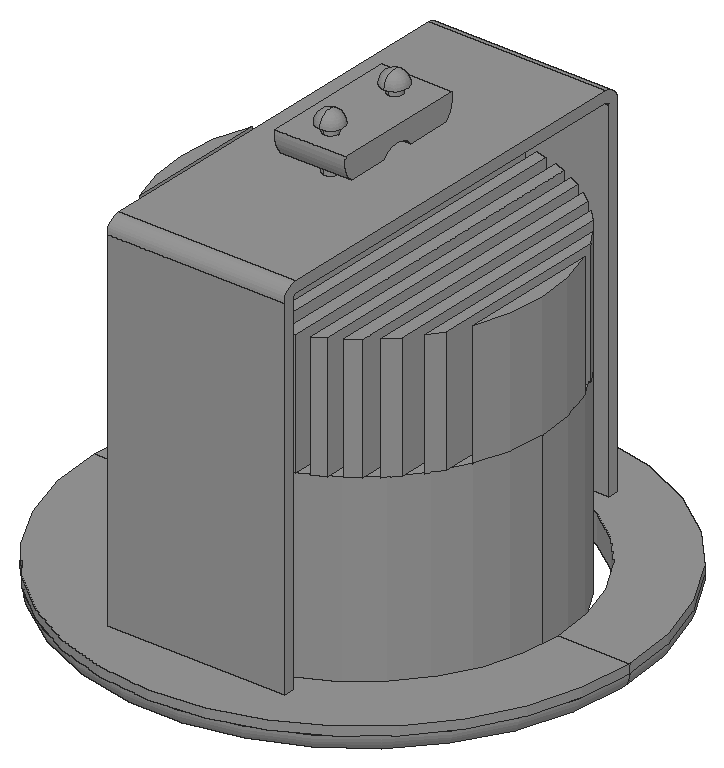
Revit family "EFF1_63_UN_Spot_ETK", category Lighting Fixtures, Revit 2019
Family settings
  Round Connector Dimension = Use Diameter
  Part Type = Normal
  OmniClass Number = 23.80.70.11.14.11
  OmniClass Title = Downlights
  Work Plane-Based = No
  Always vertical = Yes
  Cut with Voids When Loaded = Yes
  Light Source = No
  Shared = No
  Room Calculation Point = Yes
Parameters (values of type "EFF.1300.15 - 12W / 1500lm / 3000K")
  Wattage Comments = "12W"
  Voltage = 230 V
  URL = "https://www.etk.nl/producten/eff-1/"
  Symbol_Emergency Lighting [instance] = no
  Switch Code [instance] = ""
  Model = "EFF.1"
  Material = RAL 9003
  Manufacturer = "ETK licht B.V."
  Luminaire_Angle [instance] = 0.00°
  Luminaire Code [instance] = ""
  Light Source = EFF.1 - Lightsource : EFF.1300.15 - 12W / 1500lm / 3000K
  Lamp = "LED"
  IfcExportType = "USERDEFINED"
  IfcExportAs = "IfcLightFixtureType"
  Copyright © IVLighting = "www.ivlibrary.com"
  Cons_Luminaire_Angle [instance] = if(Luminaire_Angle > 30.00°, 30.00°, Luminaire_Angle)  # 0.00°
  Bundle = "40°"
  Assembly Code = "63.0"
  Apparent Load = 12 VA
Types (13, lengths in mm): name | Wattage Comments | Light Source | Apparent Load
  (no name) | "12W" | EFF.1 - Lightsource : EFF.1300.15 - 12W / 1500lm / 3000K | 12 VA
  EFF.1300.15 - 12W / 1500lm / 3000K | "12W" | EFF.1 - Lightsource : EFF.1300.15 - 12W / 1500lm / 3000K | 12 VA
  EFF.1500.15 - 12W / 1550lm / 4000K | "12W" | EFF.1 - Lightsource : EFF.1500.15 - 12W / 1550lm / 4000K | 12 VA
  EFF.1700.15 - 19W / 2400lm / 3000K | "12W" | EFF.1 - Lightsource : EFF.1700.15 - 19W / 2400lm / 3000K | 12 VA
  EFF.1900.15 - 19W / 2500lm / 4000K | "19W" | EFF.1 - Lightsource : EFF.1900.15 - 19W / 2500lm / 4000K | 19 VA
  EFF.1920.15 - 31W / 3550lm / 3000K | "31W" | EFF.1 - Lightsource : EFF.1920.15 - 31W / 3550lm / 3000K | 31 VA
  EFF.1940.15 - 31W / 3650lm / 4000K | "31W" | EFF.1 - Lightsource : EFF.1940.15 - 31W / 3650lm / 4000K | 31 VA
  EFF.1303.15 - 12W / 1500lm / 3000K | "12W" | EFF.1 - Lightsource : EFF.1303.15 - 12W / 1500lm / 3000K | 12 VA
  EFF.1503.15 - 12W / 1550lm / 4000K | "12W" | EFF.1 - Lightsource : EFF.1503.15 - 12W / 1550lm / 4000K | 12 VA
  EFF.1703.15 - 19W / 2400lm / 3000K | "12W" | EFF.1 - Lightsource : EFF.1703.15 - 19W / 2400lm / 3000K | 12 VA
  EFF.1903.15 - 19W / 2500lm / 4000K | "19W" | EFF.1 - Lightsource : EFF.1903.15 - 19W / 2500lm / 4000K | 19 VA
  EFF.1923.15 - 31W / 3550lm / 3000K | "31W" | EFF.1 - Lightsource : EFF.1923.15 - 31W / 3550lm / 3000K | 31 VA
  EFF.1943.15 - 31W / 3650lm / 4000K | "31W" | EFF.1 - Lightsource : EFF.1943.15 - 31W / 3650lm / 4000K | 31 VA
Reference planes
  plane 1 "Center (Front/Back)": y = 0
  plane 2: z = 0
  plane 3 "Center (Left/Right)": x = 0
  plane 4: z = 6.775
Forms (mm)
  Revolve 1, solid, material "RAL 9003" <- "Material"
    sketch origin (0, 0, 0) x (1, 0, 0) y (0, 0, 1)
      loop
        line (-44.382, 0) -> (-60.505, 0) -> (-60.505, -1.991)
        arc (-60.505, -1.991) -> (-59.268, -4.978) -> (-56.281, -6.215) r 4.224
        line (-56.281, -6.215) -> (-44.382, -6.215) -> (-44.382, 0)
      axis (0, 0) -> (0, -6.215)
    angle from 0 to 360
  Sweep 2, solid, material "RAL 9003" <- "Material"
    path origin (0, 0, 0) x (0, 1, 0) y (0, 0, 1)
      loop
        line (-47.009, 0) -> (-47.009, 79.242)
        arc (-47.009, 79.242) -> (-46.08, 81.485) -> (-43.837, 82.414) r 3.172
        line (-43.837, 82.414) -> (0, 82.414) -> (43.837, 82.414)
        arc (43.837, 82.414) -> (46.08, 81.485) -> (47.009, 79.242) r 3.172
        line (47.009, 79.242) -> (47.009, 0)
    profile origin (0, -47.009, 39.621) x (0, -1, 0) y (1, 0, 0)
      loop
        line (0, 19.997) -> (-2.4, 19.997) -> (-2.4, -19.997) -> (0, -19.997) -> (0, 19.997)
  Sweep 3, solid, not visible
    path origin (0, 0, 0) x (1, 0, 0) y (0, 0, 1)
      loop
        line (-47.009, 0) -> (-47.009, 77.679)
        arc (-47.009, 77.679) -> (-46.08, 79.922) -> (-43.837, 80.851) r 3.172
        line (-43.837, 80.851) -> (0, 80.851) -> (43.837, 80.851)
        arc (43.837, 80.851) -> (46.08, 79.922) -> (47.009, 77.679) r 3.172
        line (47.009, 77.679) -> (47.009, 0)
    profile origin (-47.009, 0, 38.84) x (-1, 0, 0) y (0, -1, 0)
      loop
        line (0, 19.997) -> (-2.4, 19.997) -> (-2.4, -19.997) -> (0, -19.997) -> (0, 19.997)
  Revolve 4, solid, material "RAL 9003" <- "Material"
    sketch origin (0, 0, 1.25) x (0, 1, 0) y (0, 0, 1)
      loop
        arc (-10.761, 78.361) -> (-10.517, 77.773) -> (-9.93, 77.53) r 0.831
        line (-9.93, 77.53) -> (-9.098, 77.53) -> (-9.098, 93.852)
        arc (-9.098, 93.852) -> (-11.15, 93.002) -> (-12.001, 90.95) r 2.902
        line (-12.001, 90.95) -> (-10.761, 90.95) -> (-10.761, 84.387) -> (-10.761, 78.361)
      axis (-9.098, 93.852) -> (-9.098, 77.53)
    angle from 0 to 360
  Revolve 5, solid, material "RAL 9003" <- "Material"
    sketch origin (0, 0, 1.25) x (0, -1, 0) y (0, 0, -1)
      loop
        line (-10.761, -78.361) -> (-10.761, -84.387) -> (-10.761, -90.95) -> (-12.001, -90.95)
        arc (-12.001, -90.95) -> (-11.15, -93.002) -> (-9.098, -93.852) r 2.902
        line (-9.098, -93.852) -> (-9.098, -77.53) -> (-9.93, -77.53)
        arc (-9.93, -77.53) -> (-10.517, -77.773) -> (-10.761, -78.361) r 0.831
      axis (-9.098, -93.852) -> (-9.098, -77.53)
    angle from 0 to 360
  Extrusion 6, solid, material "RAL 9003" <- "Material"
    sketch origin (7.931, 7.931, 0.312) x (0, 1, 0) y (0, 0, 1)
      loop
        arc (-22.642, 90.262) -> (-22.517, 87.326) -> (-20.936, 84.849) r 5.656
        line (-20.936, 84.849) -> (-11.839, 84.849)
        arc (-11.839, 84.849) -> (-7.985, 86.76) -> (-4.131, 84.849) r 4.842
        line (-4.131, 84.849) -> (5.674, 84.849)
        arc (5.674, 84.849) -> (7.256, 87.326) -> (7.381, 90.262) r 5.656
        line (7.381, 90.262) -> (-22.642, 90.262)
    from -15.863 to 0
  Extrusion 7, solid, material "RAL 9003" <- "Material"
    sketch origin (-0.397, 0, -2.5) x (1, 0, 0) y (0, 0, 1)
      loop
        circle (0.397, 9.275) r 2.216
    from 40.523 to 44.609
  Extrusion 8, solid, material "RAL 9003" <- "Material"
    sketch origin (-0.397, 0, -2.5) x (1, 0, 0) y (0, 0, -1)
      loop
        circle (0.397, -9.275) r 2.216
    from 40.523 to 44.609
Cuts and joins
  joined: Revolve 1, Sweep 2
Lines and regions (mm)
  reference lines
    curve 1: line (0, 0, 6.775) -> (0, 0, -32.5)
Dimensions and locks
  locked: plane 4 to level at 6.775
  "Cons_Luminaire_Angle": angle plane 3 "Center (Left/Right)" to curve 1
  aligned and locked: level to plane 2
  aligned and locked: plane 3 "Center (Left/Right)" to curve 1
  aligned and locked: plane 4 to curve 1
Automatic sketch dimensions
  Sweep 3 sketch curve to Sweep 3 sketch curve = 3.172 mm  (x2)
  Sweep 3 sketch curve to profile plane = 0 mm
  Sweep 3 sketch curve to Sweep 3 sketch curve = 2.4 mm
  Sweep 3 sketch curve to Sweep 3 sketch curve = 43.837 mm  (x2)
  Sweep 3 sketch curve to Sweep 3 sketch curve = 77.679 mm  (x2)
  Sweep 3 sketch curve to profile plane = 19.997 mm
  profile plane to Sweep 3 sketch curve = 19.997 mm
  Revolve 1 sketch curve to level = 0 mm
  Revolve 1 sketch curve to plane 3 "Center (Left/Right)" = 0 mm
  Revolve 1 sketch curve to level = 6.215 mm
  Revolve 1 sketch curve to plane 3 "Center (Left/Right)" = 44.382 mm
  Revolve 1 sketch curve to level = 1.991 mm
  Revolve 1 sketch curve to Revolve 1 sketch curve = 11.9 mm
  Revolve 1 sketch curve to Revolve 1 sketch curve = 359.83 mm
  level to Revolve 1 sketch curve = 2214.315 mm
  Sweep 2 sketch curve to level = 0 mm  (x2)
  Sweep 2 sketch curve to plane 1 "Center (Front/Back)" = 0 mm
  plane 1 "Center (Front/Back)" to Sweep 2 sketch curve = 43.837 mm
  Sweep 2 sketch curve to Sweep 2 sketch curve = 3.172 mm  (x2)
  Sweep 2 sketch curve to plane 1 "Center (Front/Back)" = 43.837 mm
  level to Sweep 2 sketch curve = 79.242 mm
  Sweep 2 sketch curve to profile plane = 0 mm
  Sweep 2 sketch curve to Sweep 2 sketch curve = 2.4 mm
  Sweep 2 sketch curve to profile plane = 19.997 mm
  profile plane to Sweep 2 sketch curve = 19.997 mm
  plane 1 "Center (Front/Back)" to Revolve 4 sketch curve = 12.001 mm
  Revolve 4 sketch curve to Revolve 4 sketch curve = 1.24 mm
  Revolve 4 sketch curve to Revolve 4 sketch curve = 0.831 mm  (x2)
  level to Revolve 4 sketch curve = 78.78 mm
  Revolve 4 sketch curve to Revolve 4 sketch curve = 6.026 mm
  Revolve 4 sketch curve to Revolve 4 sketch curve = 6.562 mm
  Revolve 4 sketch curve to Revolve 4 sketch curve = 1.663 mm
  Revolve 4 sketch curve to Revolve 4 sketch curve = 5.682 mm
  Revolve 4 sketch curve to Revolve 4 sketch curve = 0.61 mm
  Revolve 5 sketch curve to plane 1 "Center (Front/Back)" = 12.001 mm
  Revolve 5 sketch curve to Revolve 5 sketch curve = 1.24 mm
  Revolve 5 sketch curve to Revolve 5 sketch curve = 0.831 mm  (x2)
  level to Revolve 5 sketch curve = 95.102 mm
  Revolve 5 sketch curve to Revolve 5 sketch curve = 6.562 mm
  Revolve 5 sketch curve to Revolve 5 sketch curve = 6.026 mm
  Revolve 5 sketch curve to Revolve 5 sketch curve = 1.663 mm
  Revolve 5 sketch curve to Revolve 5 sketch curve = 0.61 mm
  Revolve 5 sketch curve to Revolve 5 sketch curve = 5.682 mm
  plane 1 "Center (Front/Back)" to Extrusion 6 sketch curve = 14.711 mm
  Extrusion 6 sketch curve to Extrusion 6 sketch curve = 1.706 mm
  Extrusion 6 sketch curve to Extrusion 6 sketch curve = 3.813 mm  (x2)
  plane 1 "Center (Front/Back)" to Extrusion 6 sketch curve = 3.908 mm
  plane 1 "Center (Front/Back)" to Extrusion 6 sketch curve = 0.054 mm
  Extrusion 6 sketch curve to plane 1 "Center (Front/Back)" = 3.8 mm
  Extrusion 6 sketch curve to Extrusion 6 sketch curve = 5.992 mm
  Extrusion 6 sketch curve to Extrusion 6 sketch curve = 5.52 mm
  level to Extrusion 6 sketch curve = 82.23 mm
  Extrusion 6 sketch curve to Extrusion 6 sketch curve = 2.931 mm
  Extrusion 6 sketch curve to Extrusion 6 sketch curve = 4.178 mm
  Extrusion 7 sketch curve to plane 3 "Center (Left/Right)" = 0 mm
  level to Extrusion 7 sketch curve = 6.775 mm
  Extrusion 8 sketch curve to plane 3 "Center (Left/Right)" = 0 mm
  level to Extrusion 8 sketch curve = 6.775 mm
  radius of Extrusion 7 sketch curve = 2.216 mm
  radius of Extrusion 8 sketch curve = 2.216 mm
Nested families
  nested 1: "EFF.1 Light_Symbol_IVL" at (-1.246, 0.777, 0), type "Lighting Fixture - Round"
  nested 2: "EFF.1 - Lightsource" at (0, 0, 13.025), type <- "Light Source", type "EFF.1300.15 - 12W / 1500lm / 3000K"
Definition of nested family "EFF.1 - Lightsource"
  Parameters (values of type "EFF.1300.15 - 12W / 1500lm / 3000K")
    Wattage Comments = "12W"
    Wattage = 10.0982 W
    built-in parameter 1150110 = 1 (stored number, unit not read)
    Voltage = 230 V
    URL = "https://www.etk.nl"
    built-in parameter 1114217 = 1 (stored number, unit not read)
    Tilt Angle = 90.00°
    built-in parameter 1150109 = 1 (stored number, unit not read)
    built-in parameter 1150134 = (empty or 0)
    built-in parameter 1150113 = 1 (stored number, unit not read)
    Photometric Web File = "EFF.1300.15.ies"
    built-in parameter 1150142 = "IESNA:LM-63-2002\r\n[TEST] /2017\r\n[TESTLAB] ies2eulumdat.appspot.com\r\n[ISSUEDATE] 2022-06-22T10:36:37.839\r\n[MANUFAC] www.etk.nl\r\n[LUMCAT] EFF.1300.15\r\n[LUMINAIRE] EFF.1 LED 12W 3000K 40° 1500Lm CRI>80\r\n[LAMPCAT] LED\r\n[LAMP] LED\r\nTILT=NONE\r\n1\t1500\t1\t73\t1\t1\t2\t-0.070\t-0.070\t0\r\n1.0\t1.0\t12.00\r\n0\t 2.5\t 5\t 7.5\t 10\t 12.5\t 15\t 17.5\t 20\t 22.5\r\n25\t 27.5\t 30\t 32.5\t 35\t 37.5\t 40\t 42.5\t 45\t 47.5\r\n50\t 52.5\t 55\t 57.5\t 60\t 62.5\t 65\t 67.5\t 70\t 72.5\r\n75\t 77.5\t 80\t 82.5\t 85\t 87.5\t 90\t 92.5\t 95\t 97.5\r\n100\t 102.5\t 105\t 107.5\t 110\t 112.5\t 115\t 117.5\t 120\t 122.5\r\n125\t 127.5\t 130\t 132.5\t 135\t 137.5\t 140\t 142.5\t 145\t 147.5\r\n150\t 152.5\t 155\t 157.5\t 160\t 162.5\t 165\t 167.5\t 170\t 172.5\r\n175\t 177.5\t 180\r\n0\r\n3488.1\t3421.8\t3250.65\t3013.5\t2703.15\t2335.95\t1954.05\t1597.65\t1291.815\t1037.295\r\n846.915\t733.29\t657.33\t562.335\t414.285\t248.175\t104.055\t32.43\t17.235\t8.67\r\n3.3\t0.24\t0.03\t0.045\t0.015\t0.045\t0.03\t0.045\t0.015\t0.03\r\n0.015\t0\t0.015\t0.015\t0.015\t0.015\t0.015\t0.015\t0.015\t0\r\n0\t0.015\t0\t0\t0\t0\t0\t0\t0\t0\r\n0\t0\t0\t0\t0\t0\t0\t0\t0\t0\r\n0\t0\t0\t0\t0\t0\t0\t0\t0\t0\r\n0\t0\t0"
    Model = "EFF.1"
    Material = none
    Manufacturer = "ETK licht B.V."
    built-in parameter 1150105 = 119.37 (stored number, unit not read)
    Lumens = 1500 lm
    built-in parameter 1150115 = 1 (stored number, unit not read)
    built-in parameter 1150137 = (empty or 0)
    built-in parameter 1150139 = (empty or 0)
    built-in parameter 1150112 = 1 (stored number, unit not read)
    built-in parameter 1150114 = 1 (stored number, unit not read)
    Lamp = "LED"
    built-in parameter 1150132 = 2
    built-in parameter 1150102 = (empty or 0)
    built-in parameter 1150107 = 3000 (stored number, unit not read)
    built-in parameter 1150138 = (empty or 0)
    built-in parameter 1150106 = 1.1937 (stored number, unit not read)
    IfcExportType = "USERDEFINED"
    IfcExportAs = "IfcLightFixtureType"
    built-in parameter 1150104 = 13.8 (stored number, unit not read)
    Dimming Lamp Color Temperature Shift = (empty or 0)
    Default Elevation = 1219.2 mm
    Copyright © IVLighting = "www.ivlibrary.com"
    Color Filter = 16777215
    built-in parameter 1114218 = 1 (stored number, unit not read)
    built-in parameter 1150133 = 10 (stored number, unit not read)
    Assembly Code = "63.0"
    Apparent Load = 12 VA
  Types (12, lengths in mm): name | Wattage Comments | Wattage | built-in parameter 1150134 | Photometric Web File | built-in parameter 1150142 | built-in parameter 1150105 | Lumens | built-in parameter 1150107 | built-in parameter 1150106 | Apparent Load
    EFF.1300.15 - 12W / 1500lm / 3000K | "12W" | 10.0982 W | (empty or 0) | "EFF.1300.15.ies" | "IESNA:LM-63-2002\r\n[TEST] /2017\r\n[TESTLAB] ies2eulumdat.appspot.com\r\n[ISSUEDATE] 2022-06-22T10:36:37.839\r\n[MANUFAC] www.etk.nl\r\n[LUMCAT] EFF.1300.15\r\n[LUMINAIRE] EFF.1 LED 12W 3000K 40° 1500Lm CRI>80\r\n[LAMPCAT] LED\r\n[LAMP] LED\r\nTILT=NONE\r\n1\t1500\t1\t73\t1\t1\t2\t-0.070\t-0.070\t0\r\n1.0\t1.0\t12.00\r\n0\t 2.5\t 5\t 7.5\t 10\t 12.5\t 15\t 17.5\t 20\t 22.5\r\n25\t 27.5\t 30\t 32.5\t 35\t 37.5\t 40\t 42.5\t 45\t 47.5\r\n50\t 52.5\t 55\t 57.5\t 60\t 62.5\t 65\t 67.5\t 70\t 72.5\r\n75\t 77.5\t 80\t 82.5\t 85\t 87.5\t 90\t 92.5\t 95\t 97.5\r\n100\t 102.5\t 105\t 107.5\t 110\t 112.5\t 115\t 117.5\t 120\t 122.5\r\n125\t 127.5\t 130\t 132.5\t 135\t 137.5\t 140\t 142.5\t 145\t 147.5\r\n150\t 152.5\t 155\t 157.5\t 160\t 162.5\t 165\t 167.5\t 170\t 172.5\r\n175\t 177.5\t 180\r\n0\r\n3488.1\t3421.8\t3250.65\t3013.5\t2703.15\t2335.95\t1954.05\t1597.65\t1291.815\t1037.295\r\n846.915\t733.29\t657.33\t562.335\t414.285\t248.175\t104.055\t32.43\t17.235\t8.67\r\n3.3\t0.24\t0.03\t0.045\t0.015\t0.045\t0.03\t0.045\t0.015\t0.03\r\n0.015\t0\t0.015\t0.015\t0.015\t0.015\t0.015\t0.015\t0.015\t0\r\n0\t0.015\t0\t0\t0\t0\t0\t0\t0\t0\r\n0\t0\t0\t0\t0\t0\t0\t0\t0\t0\r\n0\t0\t0\t0\t0\t0\t0\t0\t0\t0\r\n0\t0\t0" | 119.37 (stored number, unit not read) | 1500 lm | 3000 (stored number, unit not read) | 1.1937 (stored number, unit not read) | 12 VA
    EFF.1500.15 - 12W / 1550lm / 4000K | "9W" | 10.4348 W | 12 | "EFF.1500.15.ies" | "IESNA:LM-63-2002\r\n[TEST] /2017\r\n[TESTLAB] ies2eulumdat.appspot.com\r\n[ISSUEDATE] 2022-06-22T10:37:09.426\r\n[MANUFAC] www.etk.nl\r\n[LUMCAT] EFF.1500.15\r\n[LUMINAIRE] EFF.1 LED 12W 4000K 40° 1550Lm CRI>80\r\n[LAMPCAT] LED\r\n[LAMP] LED\r\nTILT=NONE\r\n1\t1550\t1\t73\t1\t1\t2\t-0.070\t-0.070\t0\r\n1.0\t1.0\t12.00\r\n0\t 2.5\t 5\t 7.5\t 10\t 12.5\t 15\t 17.5\t 20\t 22.5\r\n25\t 27.5\t 30\t 32.5\t 35\t 37.5\t 40\t 42.5\t 45\t 47.5\r\n50\t 52.5\t 55\t 57.5\t 60\t 62.5\t 65\t 67.5\t 70\t 72.5\r\n75\t 77.5\t 80\t 82.5\t 85\t 87.5\t 90\t 92.5\t 95\t 97.5\r\n100\t 102.5\t 105\t 107.5\t 110\t 112.5\t 115\t 117.5\t 120\t 122.5\r\n125\t 127.5\t 130\t 132.5\t 135\t 137.5\t 140\t 142.5\t 145\t 147.5\r\n150\t 152.5\t 155\t 157.5\t 160\t 162.5\t 165\t 167.5\t 170\t 172.5\r\n175\t 177.5\t 180\r\n0\r\n3604.37\t3535.86\t3359.005\t3113.95\t2793.255\t2413.815\t2019.185\t1650.905\t1334.8755\t1071.8715\r\n875.1455\t757.733\t679.241\t581.0795\t428.0945\t256.4475\t107.5235\t33.511\t17.8095\t8.959\r\n3.41\t0.248\t0.031\t0.0465\t0.0155\t0.0465\t0.031\t0.0465\t0.0155\t0.031\r\n0.0155\t0\t0.0155\t0.0155\t0.0155\t0.0155\t0.0155\t0.0155\t0.0155\t0\r\n0\t0.0155\t0\t0\t0\t0\t0\t0\t0\t0\r\n0\t0\t0\t0\t0\t0\t0\t0\t0\t0\r\n0\t0\t0\t0\t0\t0\t0\t0\t0\t0\r\n0\t0\t0" | 123.35 (stored number, unit not read) | 1550 lm | 4000 (stored number, unit not read) | 1.2335 (stored number, unit not read) | 9 VA
    EFF.1700.15 - 19W / 2400lm / 3000K | "19W" | 16.1571 W | (empty or 0) | "EFF.1700.15.ies" | "IESNA:LM-63-2002\r\n[TEST] /2017\r\n[TESTLAB] ies2eulumdat.appspot.com\r\n[ISSUEDATE] 2022-06-22T10:37:44.859\r\n[MANUFAC] www.etk.nl\r\n[LUMCAT] EFF.1700.15\r\n[LUMINAIRE] EFF.1 LED 19W 3000K 40° 2400Lm CRI>80\r\n[LAMPCAT] LED\r\n[LAMP] LED\r\nTILT=NONE\r\n1\t2400\t1\t73\t1\t1\t2\t-0.070\t-0.070\t0\r\n1.0\t1.0\t19.00\r\n0\t 2.5\t 5\t 7.5\t 10\t 12.5\t 15\t 17.5\t 20\t 22.5\r\n25\t 27.5\t 30\t 32.5\t 35\t 37.5\t 40\t 42.5\t 45\t 47.5\r\n50\t 52.5\t 55\t 57.5\t 60\t 62.5\t 65\t 67.5\t 70\t 72.5\r\n75\t 77.5\t 80\t 82.5\t 85\t 87.5\t 90\t 92.5\t 95\t 97.5\r\n100\t 102.5\t 105\t 107.5\t 110\t 112.5\t 115\t 117.5\t 120\t 122.5\r\n125\t 127.5\t 130\t 132.5\t 135\t 137.5\t 140\t 142.5\t 145\t 147.5\r\n150\t 152.5\t 155\t 157.5\t 160\t 162.5\t 165\t 167.5\t 170\t 172.5\r\n175\t 177.5\t 180\r\n0\r\n5580.96\t5474.88\t5201.04\t4821.6\t4325.04\t3737.52\t3126.48\t2556.24\t2066.904\t1659.672\r\n1355.064\t1173.264\t1051.728\t899.736\t662.856\t397.08\t166.488\t51.888\t27.576\t13.872\r\n5.28\t0.384\t0.048\t0.072\t0.024\t0.072\t0.048\t0.072\t0.024\t0.048\r\n0.024\t0\t0.024\t0.024\t0.024\t0.024\t0.024\t0.024\t0.024\t0\r\n0\t0.024\t0\t0\t0\t0\t0\t0\t0\t0\r\n0\t0\t0\t0\t0\t0\t0\t0\t0\t0\r\n0\t0\t0\t0\t0\t0\t0\t0\t0\t0\r\n0\t0\t0" | 190.99 (stored number, unit not read) | 2400 lm | 3000 (stored number, unit not read) | 1.9099 (stored number, unit not read) | 19 VA
    EFF.1900.15 - 19W / 2500lm / 4000K | "19W" | 16.8303 W | 12 | "EFF.1900.15.ies" | "IESNA:LM-63-2002\r\n[TEST] /2017\r\n[TESTLAB] ies2eulumdat.appspot.com\r\n[ISSUEDATE] 2022-06-22T10:38:29.455\r\n[MANUFAC] www.etk.nl\r\n[LUMCAT] EFF.1900.15\r\n[LUMINAIRE] EFF.1 LED 19W 4000K 40° 2500Lm CRI>80\r\n[LAMPCAT] LED\r\n[LAMP] LED\r\nTILT=NONE\r\n1\t2500\t1\t73\t1\t1\t2\t-0.070\t-0.070\t0\r\n1.0\t1.0\t19.00\r\n0\t 2.5\t 5\t 7.5\t 10\t 12.5\t 15\t 17.5\t 20\t 22.5\r\n25\t 27.5\t 30\t 32.5\t 35\t 37.5\t 40\t 42.5\t 45\t 47.5\r\n50\t 52.5\t 55\t 57.5\t 60\t 62.5\t 65\t 67.5\t 70\t 72.5\r\n75\t 77.5\t 80\t 82.5\t 85\t 87.5\t 90\t 92.5\t 95\t 97.5\r\n100\t 102.5\t 105\t 107.5\t 110\t 112.5\t 115\t 117.5\t 120\t 122.5\r\n125\t 127.5\t 130\t 132.5\t 135\t 137.5\t 140\t 142.5\t 145\t 147.5\r\n150\t 152.5\t 155\t 157.5\t 160\t 162.5\t 165\t 167.5\t 170\t 172.5\r\n175\t 177.5\t 180\r\n0\r\n5813.5\t5703\t5417.75\t5022.5\t4505.25\t3893.25\t3256.75\t2662.75\t2153.025\t1728.825\r\n1411.525\t1222.15\t1095.55\t937.225\t690.475\t413.625\t173.425\t54.05\t28.725\t14.45\r\n5.5\t0.4\t0.05\t0.075\t0.025\t0.075\t0.05\t0.075\t0.025\t0.05\r\n0.025\t0\t0.025\t0.025\t0.025\t0.025\t0.025\t0.025\t0.025\t0\r\n0\t0.025\t0\t0\t0\t0\t0\t0\t0\t0\r\n0\t0\t0\t0\t0\t0\t0\t0\t0\t0\r\n0\t0\t0\t0\t0\t0\t0\t0\t0\t0\r\n0\t0\t0" | 198.94 (stored number, unit not read) | 2500 lm | 4000 (stored number, unit not read) | 1.9894 (stored number, unit not read) | 19 VA
    EFF.1920.15 - 31W / 3550lm / 3000K | "31W" | 23.899 W | (empty or 0) | "EFF.1920.15.ies" | "IESNA:LM-63-2002\r\n[TEST] /2017\r\n[TESTLAB] ies2eulumdat.appspot.com\r\n[ISSUEDATE] 2022-06-22T10:39:01.059\r\n[MANUFAC] www.etk.nl\r\n[LUMCAT] EFF.1920.15\r\n[LUMINAIRE] EFF.1 LED 31W 3000K 40° 3550Lm CRI>80\r\n[LAMPCAT] LED\r\n[LAMP] LED\r\nTILT=NONE\r\n1\t3550\t1\t73\t1\t1\t2\t-0.070\t-0.070\t0\r\n1.0\t1.0\t31.00\r\n0\t 2.5\t 5\t 7.5\t 10\t 12.5\t 15\t 17.5\t 20\t 22.5\r\n25\t 27.5\t 30\t 32.5\t 35\t 37.5\t 40\t 42.5\t 45\t 47.5\r\n50\t 52.5\t 55\t 57.5\t 60\t 62.5\t 65\t 67.5\t 70\t 72.5\r\n75\t 77.5\t 80\t 82.5\t 85\t 87.5\t 90\t 92.5\t 95\t 97.5\r\n100\t 102.5\t 105\t 107.5\t 110\t 112.5\t 115\t 117.5\t 120\t 122.5\r\n125\t 127.5\t 130\t 132.5\t 135\t 137.5\t 140\t 142.5\t 145\t 147.5\r\n150\t 152.5\t 155\t 157.5\t 160\t 162.5\t 165\t 167.5\t 170\t 172.5\r\n175\t 177.5\t 180\r\n0\r\n8255.17\t8098.26\t7693.205\t7131.95\t6397.455\t5528.415\t4624.585\t3781.105\t3057.2955\t2454.9315\r\n2004.3655\t1735.453\t1555.681\t1330.8595\t980.4745\t587.3475\t246.2635\t76.751\t40.7895\t20.519\r\n7.81\t0.568\t0.071\t0.1065\t0.0355\t0.1065\t0.071\t0.1065\t0.0355\t0.071\r\n0.0355\t0\t0.0355\t0.0355\t0.0355\t0.0355\t0.0355\t0.0355\t0.0355\t0\r\n0\t0.0355\t0\t0\t0\t0\t0\t0\t0\t0\r\n0\t0\t0\t0\t0\t0\t0\t0\t0\t0\r\n0\t0\t0\t0\t0\t0\t0\t0\t0\t0\r\n0\t0\t0" | 282.5 (stored number, unit not read) | 3550 lm | 3000 (stored number, unit not read) | 2.825 (stored number, unit not read) | 31 VA
    EFF.1940.15 - 31W / 3650lm / 4000K | "31W" | 24.5722 W | 12 | "EFF.1940.15.ies" | "IESNA:LM-63-2002\r\n[TEST] /2017\r\n[TESTLAB] ies2eulumdat.appspot.com\r\n[ISSUEDATE] 2022-06-22T10:39:34.791\r\n[MANUFAC] www.etk.nl\r\n[LUMCAT] EFF.1940.15\r\n[LUMINAIRE] EFF.1 LED 31W 4000K 40° 3650Lm CRI>80\r\n[LAMPCAT] LED\r\n[LAMP] LED\r\nTILT=NONE\r\n1\t3650\t1\t73\t1\t1\t2\t-0.070\t-0.070\t0\r\n1.0\t1.0\t31.00\r\n0\t 2.5\t 5\t 7.5\t 10\t 12.5\t 15\t 17.5\t 20\t 22.5\r\n25\t 27.5\t 30\t 32.5\t 35\t 37.5\t 40\t 42.5\t 45\t 47.5\r\n50\t 52.5\t 55\t 57.5\t 60\t 62.5\t 65\t 67.5\t 70\t 72.5\r\n75\t 77.5\t 80\t 82.5\t 85\t 87.5\t 90\t 92.5\t 95\t 97.5\r\n100\t 102.5\t 105\t 107.5\t 110\t 112.5\t 115\t 117.5\t 120\t 122.5\r\n125\t 127.5\t 130\t 132.5\t 135\t 137.5\t 140\t 142.5\t 145\t 147.5\r\n150\t 152.5\t 155\t 157.5\t 160\t 162.5\t 165\t 167.5\t 170\t 172.5\r\n175\t 177.5\t 180\r\n0\r\n8487.71\t8326.38\t7909.915\t7332.85\t6577.665\t5684.145\t4754.855\t3887.615\t3143.4165\t2524.0845\r\n2060.8265\t1784.339\t1599.503\t1368.3485\t1008.0935\t603.8925\t253.2005\t78.913\t41.9385\t21.097\r\n8.03\t0.584\t0.073\t0.1095\t0.0365\t0.1095\t0.073\t0.1095\t0.0365\t0.073\r\n0.0365\t0\t0.0365\t0.0365\t0.0365\t0.0365\t0.0365\t0.0365\t0.0365\t0\r\n0\t0.0365\t0\t0\t0\t0\t0\t0\t0\t0\r\n0\t0\t0\t0\t0\t0\t0\t0\t0\t0\r\n0\t0\t0\t0\t0\t0\t0\t0\t0\t0\r\n0\t0\t0" | 290.46 (stored number, unit not read) | 3650 lm | 4000 (stored number, unit not read) | 2.9046 (stored number, unit not read) | 31 VA
    EFF.1303.15 - 12W / 1500lm / 3000K | "12W" | 10.0982 W | (empty or 0) | "EFF.1303.15.ies" | "IESNA:LM-63-2002\r\n[TEST] /2017\r\n[TESTLAB] ies2eulumdat.appspot.com\r\n[ISSUEDATE] 2022-06-22T10:36:53.498\r\n[MANUFAC] www.etk.nl\r\n[LUMCAT] EFF.1303.15\r\n[LUMINAIRE] EFF.1 LED 12W 3000K 40° 1500Lm CRI>80 DALI\r\n[LAMPCAT] LED\r\n[LAMP] LED\r\nTILT=NONE\r\n1\t1500\t1\t73\t1\t1\t2\t-0.070\t-0.070\t0\r\n1.0\t1.0\t12.00\r\n0\t 2.5\t 5\t 7.5\t 10\t 12.5\t 15\t 17.5\t 20\t 22.5\r\n25\t 27.5\t 30\t 32.5\t 35\t 37.5\t 40\t 42.5\t 45\t 47.5\r\n50\t 52.5\t 55\t 57.5\t 60\t 62.5\t 65\t 67.5\t 70\t 72.5\r\n75\t 77.5\t 80\t 82.5\t 85\t 87.5\t 90\t 92.5\t 95\t 97.5\r\n100\t 102.5\t 105\t 107.5\t 110\t 112.5\t 115\t 117.5\t 120\t 122.5\r\n125\t 127.5\t 130\t 132.5\t 135\t 137.5\t 140\t 142.5\t 145\t 147.5\r\n150\t 152.5\t 155\t 157.5\t 160\t 162.5\t 165\t 167.5\t 170\t 172.5\r\n175\t 177.5\t 180\r\n0\r\n3488.1\t3421.8\t3250.65\t3013.5\t2703.15\t2335.95\t1954.05\t1597.65\t1291.815\t1037.295\r\n846.915\t733.29\t657.33\t562.335\t414.285\t248.175\t104.055\t32.43\t17.235\t8.67\r\n3.3\t0.24\t0.03\t0.045\t0.015\t0.045\t0.03\t0.045\t0.015\t0.03\r\n0.015\t0\t0.015\t0.015\t0.015\t0.015\t0.015\t0.015\t0.015\t0\r\n0\t0.015\t0\t0\t0\t0\t0\t0\t0\t0\r\n0\t0\t0\t0\t0\t0\t0\t0\t0\t0\r\n0\t0\t0\t0\t0\t0\t0\t0\t0\t0\r\n0\t0\t0" | 119.37 (stored number, unit not read) | 1500 lm | 3000 (stored number, unit not read) | 1.1937 (stored number, unit not read) | 12 VA
    EFF.1503.15 - 12W / 1550lm / 4000K | "9W" | 10.4348 W | 12 | "EFF.1503.15.ies" | "IESNA:LM-63-2002\r\n[TEST] /2017\r\n[TESTLAB] ies2eulumdat.appspot.com\r\n[ISSUEDATE] 2022-06-22T10:37:24.812\r\n[MANUFAC] www.etk.nl\r\n[LUMCAT] EFF.1503.15\r\n[LUMINAIRE] EFF.1 LED 12W 4000K 40° 1550Lm CRI>80 DALI\r\n[LAMPCAT] LED\r\n[LAMP] LED\r\nTILT=NONE\r\n1\t1550\t1\t73\t1\t1\t2\t-0.070\t-0.070\t0\r\n1.0\t1.0\t12.00\r\n0\t 2.5\t 5\t 7.5\t 10\t 12.5\t 15\t 17.5\t 20\t 22.5\r\n25\t 27.5\t 30\t 32.5\t 35\t 37.5\t 40\t 42.5\t 45\t 47.5\r\n50\t 52.5\t 55\t 57.5\t 60\t 62.5\t 65\t 67.5\t 70\t 72.5\r\n75\t 77.5\t 80\t 82.5\t 85\t 87.5\t 90\t 92.5\t 95\t 97.5\r\n100\t 102.5\t 105\t 107.5\t 110\t 112.5\t 115\t 117.5\t 120\t 122.5\r\n125\t 127.5\t 130\t 132.5\t 135\t 137.5\t 140\t 142.5\t 145\t 147.5\r\n150\t 152.5\t 155\t 157.5\t 160\t 162.5\t 165\t 167.5\t 170\t 172.5\r\n175\t 177.5\t 180\r\n0\r\n3604.37\t3535.86\t3359.005\t3113.95\t2793.255\t2413.815\t2019.185\t1650.905\t1334.8755\t1071.8715\r\n875.1455\t757.733\t679.241\t581.0795\t428.0945\t256.4475\t107.5235\t33.511\t17.8095\t8.959\r\n3.41\t0.248\t0.031\t0.0465\t0.0155\t0.0465\t0.031\t0.0465\t0.0155\t0.031\r\n0.0155\t0\t0.0155\t0.0155\t0.0155\t0.0155\t0.0155\t0.0155\t0.0155\t0\r\n0\t0.0155\t0\t0\t0\t0\t0\t0\t0\t0\r\n0\t0\t0\t0\t0\t0\t0\t0\t0\t0\r\n0\t0\t0\t0\t0\t0\t0\t0\t0\t0\r\n0\t0\t0" | 123.35 (stored number, unit not read) | 1550 lm | 4000 (stored number, unit not read) | 1.2335 (stored number, unit not read) | 9 VA
    EFF.1703.15 - 19W / 2400lm / 3000K | "19W" | 16.1571 W | (empty or 0) | "EFF.1703.15.ies" | "IESNA:LM-63-2002\r\n[TEST] /2017\r\n[TESTLAB] ies2eulumdat.appspot.com\r\n[ISSUEDATE] 2022-06-22T10:38:06.537\r\n[MANUFAC] www.etk.nl\r\n[LUMCAT] EFF.1703.15\r\n[LUMINAIRE] EFF.1 LED 19W 3000K 40° 2400Lm CRI>80 DALI\r\n[LAMPCAT] LED\r\n[LAMP] LED\r\nTILT=NONE\r\n1\t2400\t1\t73\t1\t1\t2\t-0.070\t-0.070\t0\r\n1.0\t1.0\t19.00\r\n0\t 2.5\t 5\t 7.5\t 10\t 12.5\t 15\t 17.5\t 20\t 22.5\r\n25\t 27.5\t 30\t 32.5\t 35\t 37.5\t 40\t 42.5\t 45\t 47.5\r\n50\t 52.5\t 55\t 57.5\t 60\t 62.5\t 65\t 67.5\t 70\t 72.5\r\n75\t 77.5\t 80\t 82.5\t 85\t 87.5\t 90\t 92.5\t 95\t 97.5\r\n100\t 102.5\t 105\t 107.5\t 110\t 112.5\t 115\t 117.5\t 120\t 122.5\r\n125\t 127.5\t 130\t 132.5\t 135\t 137.5\t 140\t 142.5\t 145\t 147.5\r\n150\t 152.5\t 155\t 157.5\t 160\t 162.5\t 165\t 167.5\t 170\t 172.5\r\n175\t 177.5\t 180\r\n0\r\n5580.96\t5474.88\t5201.04\t4821.6\t4325.04\t3737.52\t3126.48\t2556.24\t2066.904\t1659.672\r\n1355.064\t1173.264\t1051.728\t899.736\t662.856\t397.08\t166.488\t51.888\t27.576\t13.872\r\n5.28\t0.384\t0.048\t0.072\t0.024\t0.072\t0.048\t0.072\t0.024\t0.048\r\n0.024\t0\t0.024\t0.024\t0.024\t0.024\t0.024\t0.024\t0.024\t0\r\n0\t0.024\t0\t0\t0\t0\t0\t0\t0\t0\r\n0\t0\t0\t0\t0\t0\t0\t0\t0\t0\r\n0\t0\t0\t0\t0\t0\t0\t0\t0\t0\r\n0\t0\t0" | 190.99 (stored number, unit not read) | 2400 lm | 3000 (stored number, unit not read) | 1.9099 (stored number, unit not read) | 19 VA
    EFF.1903.15 - 19W / 2500lm / 4000K | "19W" | 16.8303 W | 12 | "EFF.1903.15.ies" | "IESNA:LM-63-2002\r\n[TEST] /2017\r\n[TESTLAB] ies2eulumdat.appspot.com\r\n[ISSUEDATE] 2022-06-22T10:38:45.141\r\n[MANUFAC] www.etk.nl\r\n[LUMCAT] EFF.1903.15\r\n[LUMINAIRE] EFF.1 LED 19W 4000K 40° 2500Lm CRI>80 DALI\r\n[LAMPCAT] LED\r\n[LAMP] LED\r\nTILT=NONE\r\n1\t2500\t1\t73\t1\t1\t2\t-0.070\t-0.070\t0\r\n1.0\t1.0\t19.00\r\n0\t 2.5\t 5\t 7.5\t 10\t 12.5\t 15\t 17.5\t 20\t 22.5\r\n25\t 27.5\t 30\t 32.5\t 35\t 37.5\t 40\t 42.5\t 45\t 47.5\r\n50\t 52.5\t 55\t 57.5\t 60\t 62.5\t 65\t 67.5\t 70\t 72.5\r\n75\t 77.5\t 80\t 82.5\t 85\t 87.5\t 90\t 92.5\t 95\t 97.5\r\n100\t 102.5\t 105\t 107.5\t 110\t 112.5\t 115\t 117.5\t 120\t 122.5\r\n125\t 127.5\t 130\t 132.5\t 135\t 137.5\t 140\t 142.5\t 145\t 147.5\r\n150\t 152.5\t 155\t 157.5\t 160\t 162.5\t 165\t 167.5\t 170\t 172.5\r\n175\t 177.5\t 180\r\n0\r\n5813.5\t5703\t5417.75\t5022.5\t4505.25\t3893.25\t3256.75\t2662.75\t2153.025\t1728.825\r\n1411.525\t1222.15\t1095.55\t937.225\t690.475\t413.625\t173.425\t54.05\t28.725\t14.45\r\n5.5\t0.4\t0.05\t0.075\t0.025\t0.075\t0.05\t0.075\t0.025\t0.05\r\n0.025\t0\t0.025\t0.025\t0.025\t0.025\t0.025\t0.025\t0.025\t0\r\n0\t0.025\t0\t0\t0\t0\t0\t0\t0\t0\r\n0\t0\t0\t0\t0\t0\t0\t0\t0\t0\r\n0\t0\t0\t0\t0\t0\t0\t0\t0\t0\r\n0\t0\t0" | 198.94 (stored number, unit not read) | 2500 lm | 4000 (stored number, unit not read) | 1.9894 (stored number, unit not read) | 19 VA
    EFF.1923.15 - 31W / 3550lm / 3000K | "31W" | 23.899 W | (empty or 0) | "EFF.1923.15.ies" | "IESNA:LM-63-2002\r\n[TEST] /2017\r\n[TESTLAB] ies2eulumdat.appspot.com\r\n[ISSUEDATE] 2022-06-22T10:39:17.587\r\n[MANUFAC] www.etk.nl\r\n[LUMCAT] EFF.1923.15\r\n[LUMINAIRE] EFF.1 LED 31W 3000K 40° 3550Lm CRI>80 DALI\r\n[LAMPCAT] LED\r\n[LAMP] LED\r\nTILT=NONE\r\n1\t3550\t1\t73\t1\t1\t2\t-0.070\t-0.070\t0\r\n1.0\t1.0\t31.00\r\n0\t 2.5\t 5\t 7.5\t 10\t 12.5\t 15\t 17.5\t 20\t 22.5\r\n25\t 27.5\t 30\t 32.5\t 35\t 37.5\t 40\t 42.5\t 45\t 47.5\r\n50\t 52.5\t 55\t 57.5\t 60\t 62.5\t 65\t 67.5\t 70\t 72.5\r\n75\t 77.5\t 80\t 82.5\t 85\t 87.5\t 90\t 92.5\t 95\t 97.5\r\n100\t 102.5\t 105\t 107.5\t 110\t 112.5\t 115\t 117.5\t 120\t 122.5\r\n125\t 127.5\t 130\t 132.5\t 135\t 137.5\t 140\t 142.5\t 145\t 147.5\r\n150\t 152.5\t 155\t 157.5\t 160\t 162.5\t 165\t 167.5\t 170\t 172.5\r\n175\t 177.5\t 180\r\n0\r\n8255.17\t8098.26\t7693.205\t7131.95\t6397.455\t5528.415\t4624.585\t3781.105\t3057.2955\t2454.9315\r\n2004.3655\t1735.453\t1555.681\t1330.8595\t980.4745\t587.3475\t246.2635\t76.751\t40.7895\t20.519\r\n7.81\t0.568\t0.071\t0.1065\t0.0355\t0.1065\t0.071\t0.1065\t0.0355\t0.071\r\n0.0355\t0\t0.0355\t0.0355\t0.0355\t0.0355\t0.0355\t0.0355\t0.0355\t0\r\n0\t0.0355\t0\t0\t0\t0\t0\t0\t0\t0\r\n0\t0\t0\t0\t0\t0\t0\t0\t0\t0\r\n0\t0\t0\t0\t0\t0\t0\t0\t0\t0\r\n0\t0\t0" | 282.5 (stored number, unit not read) | 3550 lm | 3000 (stored number, unit not read) | 2.825 (stored number, unit not read) | 31 VA
    EFF.1943.15 - 31W / 3650lm / 4000K | "31W" | 24.5722 W | 12 | "EFF.1943.15.ies" | "IESNA:LM-63-2002\r\n[TEST] /2017\r\n[TESTLAB] ies2eulumdat.appspot.com\r\n[ISSUEDATE] 2022-06-22T10:39:49.552\r\n[MANUFAC] www.etk.nl\r\n[LUMCAT] EFF.1943.15\r\n[LUMINAIRE] EFF.1 LED 31W 4000K 40° 3650Lm CRI>80 DALI\r\n[LAMPCAT] LED\r\n[LAMP] LED\r\nTILT=NONE\r\n1\t3650\t1\t73\t1\t1\t2\t-0.070\t-0.070\t0\r\n1.0\t1.0\t31.00\r\n0\t 2.5\t 5\t 7.5\t 10\t 12.5\t 15\t 17.5\t 20\t 22.5\r\n25\t 27.5\t 30\t 32.5\t 35\t 37.5\t 40\t 42.5\t 45\t 47.5\r\n50\t 52.5\t 55\t 57.5\t 60\t 62.5\t 65\t 67.5\t 70\t 72.5\r\n75\t 77.5\t 80\t 82.5\t 85\t 87.5\t 90\t 92.5\t 95\t 97.5\r\n100\t 102.5\t 105\t 107.5\t 110\t 112.5\t 115\t 117.5\t 120\t 122.5\r\n125\t 127.5\t 130\t 132.5\t 135\t 137.5\t 140\t 142.5\t 145\t 147.5\r\n150\t 152.5\t 155\t 157.5\t 160\t 162.5\t 165\t 167.5\t 170\t 172.5\r\n175\t 177.5\t 180\r\n0\r\n8487.71\t8326.38\t7909.915\t7332.85\t6577.665\t5684.145\t4754.855\t3887.615\t3143.4165\t2524.0845\r\n2060.8265\t1784.339\t1599.503\t1368.3485\t1008.0935\t603.8925\t253.2005\t78.913\t41.9385\t21.097\r\n8.03\t0.584\t0.073\t0.1095\t0.0365\t0.1095\t0.073\t0.1095\t0.0365\t0.073\r\n0.0365\t0\t0.0365\t0.0365\t0.0365\t0.0365\t0.0365\t0.0365\t0.0365\t0\r\n0\t0.0365\t0\t0\t0\t0\t0\t0\t0\t0\r\n0\t0\t0\t0\t0\t0\t0\t0\t0\t0\r\n0\t0\t0\t0\t0\t0\t0\t0\t0\t0\r\n0\t0\t0" | 290.46 (stored number, unit not read) | 3650 lm | 4000 (stored number, unit not read) | 2.9046 (stored number, unit not read) | 31 VA
  Reference planes
    plane 1 "Center (Front/Back)": y = 0
    plane 2: z = 0
    plane 3 "Center (Left/Right)": x = 0
  Forms (mm)
    Revolve 1, solid, material <- "Material"
      sketch origin (0, 0, -12.5) x (1, 0, 0) y (0, 0, 1)
        loop
          line (-40.792, 38.865) -> (-40.792, -6.563) -> (-39.955, -6.563)
          arc (-39.955, -6.563) -> (-25.288, 10.585) -> (-5.722, 21.824) r 66.347
          line (-5.722, 21.824) -> (0, 21.824) -> (0, 38.865) -> (-40.792, 38.865)
        axis (0, 38.865) -> (0, -6.563)
      angle from 0 to 360
    Revolve 2, solid
      sketch origin (0, 0, -8.439) x (1, 0, 0) y (0, 0, 1)
        loop
          line (0, 17.631) -> (0, 18.436) -> (-6.065, 18.436)
          arc (-6.065, 18.436) -> (-6.467, 18.033) -> (-6.065, 17.631) r 0.402
          line (-6.065, 17.631) -> (0, 17.631)
        axis (0, 18.436) -> (0, 17.436)
      angle from 0 to 360
    Extrusion 3, solid, material <- "Material"
      sketch origin (0, 0, -12.5) x (-1, 0, 0) y (0, -1, 0)
        loop
          line (37.571, 15.887) -> (37.571, -15.887)
          arc (37.571, -15.887) -> (40.792, 0) -> (37.571, 15.887) r 40.792
        loop
          arc (-37.571, 15.887) -> (-40.792, 0) -> (-37.571, -15.887) r 40.792
          line (-37.571, -15.887) -> (-37.571, 15.887)
        loop
          line (35.389, 20.274) -> (33.103, 23.836) -> (33.103, -23.836) -> (35.389, -20.274) -> (35.389, 20.274)
        loop
          line (30.609, 26.936) -> (28.01, 29.695) -> (28.01, -29.654)
          arc (28.01, -29.654) -> (29.342, -28.338) -> (30.609, -26.96) r 39.235
          line (30.609, -26.96) -> (30.609, 26.936)
        loop
          arc (25.516, 31.826) -> (24.236, 32.811) -> (22.917, 33.745) r 40.792
          line (22.917, 33.745) -> (22.917, -33.745)
          arc (22.917, -33.745) -> (24.236, -32.811) -> (25.516, -31.826) r 40.792
          line (25.516, -31.826) -> (25.516, 31.826)
        loop
          arc (20.424, 35.31) -> (19.137, 36.024) -> (17.825, 36.691) r 40.792
          line (17.825, 36.691) -> (17.825, -36.691)
          arc (17.825, -36.691) -> (19.137, -36.024) -> (20.424, -35.31) r 40.792
          line (20.424, -35.31) -> (20.424, 35.31)
        loop
          arc (15.175, 37.864) -> (13.883, 38.356) -> (12.576, 38.805) r 40.792
          line (12.576, 38.805) -> (12.576, -38.805)
          arc (12.576, -38.805) -> (13.883, -38.356) -> (15.175, -37.864) r 40.792
          line (15.175, -37.864) -> (15.175, 37.864)
        loop
          arc (9.926, 39.566) -> (8.631, 39.868) -> (7.327, 40.128) r 40.792
          line (7.327, 40.128) -> (7.327, -40.128)
          arc (7.327, -40.128) -> (8.631, -39.868) -> (9.926, -39.566) r 40.792
          line (9.926, -39.566) -> (9.926, 39.566)
        loop
          arc (4.364, 40.523) -> (3.066, 40.651) -> (1.765, 40.739) r 40.792
          line (1.765, 40.739) -> (1.765, -40.739)
          arc (1.765, -40.739) -> (3.066, -40.651) -> (4.364, -40.523) r 40.792
          line (4.364, -40.523) -> (4.364, 40.523)
        loop
          line (-35.389, 20.274) -> (-35.389, -20.274) -> (-33.103, -23.836) -> (-33.103, 23.836) -> (-35.389, 20.274)
        loop
          line (-30.609, 26.936) -> (-30.609, -26.96)
          arc (-30.609, -26.96) -> (-29.342, -28.338) -> (-28.01, -29.654) r 39.235
          line (-28.01, -29.654) -> (-28.01, 29.695) -> (-30.609, 26.936)
        loop
          line (-25.516, 31.826) -> (-25.516, -31.826)
          arc (-25.516, -31.826) -> (-24.236, -32.811) -> (-22.917, -33.745) r 40.792
          line (-22.917, -33.745) -> (-22.917, 33.745)
          arc (-22.917, 33.745) -> (-24.236, 32.811) -> (-25.516, 31.826) r 40.792
        loop
          line (-20.424, 35.31) -> (-20.424, -35.31)
          arc (-20.424, -35.31) -> (-19.137, -36.024) -> (-17.825, -36.691) r 40.792
          line (-17.825, -36.691) -> (-17.825, 36.691)
          arc (-17.825, 36.691) -> (-19.137, 36.024) -> (-20.424, 35.31) r 40.792
        loop
          line (-15.175, 37.864) -> (-15.175, -37.864)
          arc (-15.175, -37.864) -> (-13.883, -38.356) -> (-12.576, -38.805) r 40.792
          line (-12.576, -38.805) -> (-12.576, 38.805)
          arc (-12.576, 38.805) -> (-13.883, 38.356) -> (-15.175, 37.864) r 40.792
        loop
          line (-9.926, 39.566) -> (-9.926, -39.566)
          arc (-9.926, -39.566) -> (-8.631, -39.868) -> (-7.327, -40.128) r 40.792
          line (-7.327, -40.128) -> (-7.327, 40.128)
          arc (-7.327, 40.128) -> (-8.631, 39.868) -> (-9.926, 39.566) r 40.792
        loop
          line (-4.364, 40.523) -> (-4.364, -40.523)
          arc (-4.364, -40.523) -> (-3.066, -40.651) -> (-1.765, -40.739) r 40.792
          line (-1.765, -40.739) -> (-1.765, 40.739)
          arc (-1.765, 40.739) -> (-3.066, 40.651) -> (-4.364, 40.523) r 40.792
      from 38.8 to 66.778
  Dimensions and locks
    aligned and locked: level to plane 2
Definition of nested family "EFF.1 Light_Symbol_IVL"
  Parameters (values of type "Lighting Fixture Round - Waterproof")
    Waterproof = yes
    Lighting Fixture = yes
    Emergency Lighting = no
  Types (3, lengths in mm): name | Waterproof | Emergency Lighting
    Lighting Fixture - Round | no | no
    Lighting Fixture Round - Emergency Lighting | no | yes
    Lighting Fixture Round - Waterproof | yes | no
  Reference planes
    plane 1: y = 0
    plane 2: x = 0
  Lines and regions (mm)
    Filled region 1, type "Emergency Lighting", visible <- "Waterproof"
      outline origin (5.15, 1.04, 0) x (1, 0, 0) y (0, 1, 0)
        loop
          arc (-5.866, -1.34) -> (-5.15, -1.817) -> (-4.434, -1.34) r 0.777
          line (-4.434, -1.34) -> (-5.866, -1.34)
    Filled region 2, type "Emergency Lighting", visible <- "Emergency Lighting"
      outline origin (5.15, 1.04, 0) x (1, 0, 0) y (0, 1, 0)
        loop
          line (-5.15, -1.04) -> (-5.703, -0.487)
          arc (-5.703, -0.487) -> (-5.927, -1.04) -> (-5.703, -1.594) r 0.797
          line (-5.703, -1.594) -> (-5.15, -1.04)
    Filled region 3, type "Emergency Lighting", visible <- "Emergency Lighting"
      outline origin (-5.15, 1.04, 0) x (0, 1, 0) y (-1, 0, 0)
        loop
          line (-1.04, -5.15) -> (-1.594, -5.703)
          arc (-1.594, -5.703) -> (-1.04, -5.927) -> (-0.487, -5.703) r 0.797
          line (-0.487, -5.703) -> (-1.04, -5.15)
    detail lines, visible <- "Lighting Fixture"
      curve 1: circle (0, 0, 0) r 0.777 normal (0, 0, 1)
    detail lines, not visible
      curve 2: line (0.716, -0.3, 0) -> (-0.716, -0.3, 0)
    detail lines, visible <- "Waterproof"
      curve 3: circle (0, 0, 0) r 0.777 normal (0, 0, 1)
    detail lines, visible <- "Emergency Lighting"
      curve 4: circle (0, 0, 0) r 0.777 normal (0, 0, 1)
